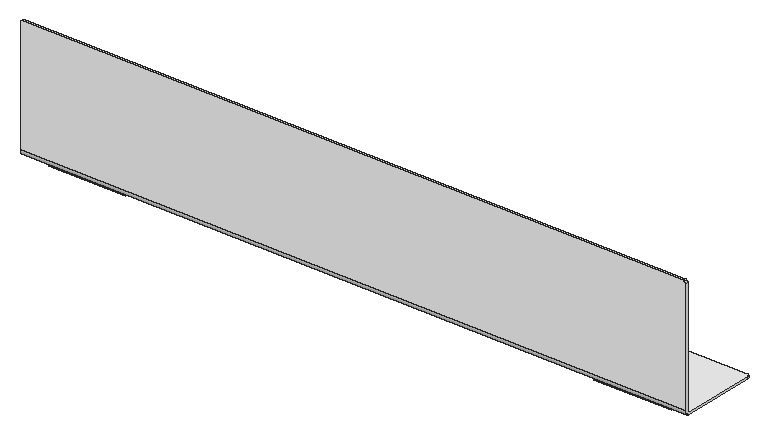
Revit family "Magnuson-Baldas-Shelf_M-1", category Furniture, host Face, Revit 2014
Parameters (values of type "BALDAS-M")
  Width = 39 3/8"
  URL = "www.magnusongroup.com"
  Type Comments = "Baldas"  # constant formula
  Support Finish = MAG - Aluminum Withe
  Shelve Finish = MAG - Aluminum Withe
  Salvage or Reuse = yes
  Percentage of Recycled Content = 0
  Model = "BALDAS-M"
  Manufacturer = "MAGNUSON"  # constant formula
  Low Emitting Material = yes
  Low Emitting Finish = yes
  Keynote = "12500"
  Height = 4 3/4"
  Description = "Wall Mounted Shelf Comes with 2 Wall Mounting Brackets"
  Depth = 7 1/2"
  Default Elevation = 48"
  Assembly Code = "E2020200"
Reference planes (in)
  plane 1 "Center (Front/Back)": y = 0
  plane 2: z = 0
  plane 3 "Center (Left/Right)": x = 0
  plane 4: y = -2.375
  plane 5: y = 2.375
  plane 6: x = 19.6875
  plane 7: x = -19.6875
  plane 8: z = 7.5
  plane 9: z = 0.29527
Forms (in)
  Extrusion 1, solid, material "MAG - Aluminum Withe" <- "Shelve Finish"
    sketch origin (0, 0, 0) x (0, 1, 0) y (0, 0, 1)
      loop
        line (2.0563, 0.29527) -> (2.0563, 0.42027) -> (-2.0625, 0.42027)
        arc (-2.0625, 0.42027) -> (-2.19508, 0.47519) -> (-2.25, 0.60777) r 0.1875
        line (-2.25, 0.60777) -> (-2.25, 6.66544) -> (-2.375, 6.66544) -> (-2.375, 0.60777)
        arc (-2.375, 0.60777) -> (-2.28347, 0.3868) -> (-2.0625, 0.29527) r 0.3125
        line (-2.0625, 0.29527) -> (2.0563, 0.29527)
    from -19.6875 to 19.6875
  Extrusion 2, solid, material "MAG - Aluminum Withe" <- "Shelve Finish"
    sketch origin (0, 0, 0) x (1, 0, 0) y (0, 1, 0)
      loop
        arc (-19.5, 2.375) -> (-19.63258, 2.32008) -> (-19.6875, 2.1875) r 0.1875
        line (-19.6875, 2.1875) -> (-19.6875, 2.0563) -> (19.6875, 2.0563) -> (19.6875, 2.1875)
        arc (19.6875, 2.1875) -> (19.63258, 2.32008) -> (19.5, 2.375) r 0.1875
        line (19.5, 2.375) -> (-19.5, 2.375)
    from 0.29527 to 0.42027
  Extrusion 3, solid, material "MAG - Aluminum Withe" <- "Shelve Finish"
    sketch origin (0, 0, 0) x (1, 0, 0) y (0, 0, 1)
      loop
        arc (-19.52957, 7.5) -> (-19.64124, 7.45374) -> (-19.6875, 7.34207) r 0.15793
        line (-19.6875, 7.34207) -> (-19.6875, 6.66544) -> (19.6875, 6.66544) -> (19.6875, 7.34375)
        arc (19.6875, 7.34375) -> (19.64174, 7.45424) -> (19.53125, 7.5) r 0.15625
        line (19.53125, 7.5) -> (-19.52957, 7.5)
    from 2.25 to 2.375
  Extrusion 4, solid, material "MAG - Aluminum Withe" <- "Support Finish"
    sketch origin (0, 0, 0) x (1, 0, 0) y (0, 1, 0)
      loop
        line (-18.42766, 2.19783) -> (-18.42766, -1.86319) -> (-13.86074, -1.86319) -> (-13.86074, 2.19783) -> (-18.42766, 2.19783)
      loop
        line (13.86074, 2.19783) -> (13.86074, -1.86319) -> (18.42766, -1.86319) -> (18.42766, 2.19783) -> (13.86074, 2.19783)
    from 0 to 0.29527
Cuts and joins
  joined: Extrusion 1, Extrusion 2, Extrusion 3
Lines and regions (in)
  symbolic lines
    curve 1: line (19.6875, 0, 0.29527) -> (19.6875, 0, 7.34375)
    curve 2: arc (19.6875, 0, 7.34375) -> (19.64174, 0, 7.45424) -> (19.53125, 0, 7.5) r 0.15625
    curve 3: line (19.53125, 0, 7.5) -> (-19.52957, 0, 7.5)
    curve 4: arc (-19.52957, 0, 7.5) -> (-19.64124, 0, 7.45374) -> (-19.6875, 0, 7.34207) r 0.15793
    curve 5: line (-19.6875, 0, 7.34207) -> (-19.6875, 0, 0.29527)
    curve 6: line (-19.6875, 0, 0.29527) -> (19.6875, 0, 0.29527)
    curve 7: line (19.6875, 0, 0.42027) -> (-19.6875, 0, 0.42027)
    curve 8: line (-18.42766, 0, 0.29527) -> (-18.42766, 0, 0)
    curve 9: line (-13.86074, 0, 0) -> (-13.86074, 0, 0.29527)
    curve 10: line (18.42766, 0, 0) -> (18.42766, 0, 0.29527)
    curve 11: line (13.86074, 0, 0.29527) -> (13.86074, 0, 0)
    curve 12: line (18.42766, 0, 0) -> (13.86074, 0, 0)
    curve 13: line (-13.86074, 0, 0) -> (-18.42766, 0, 0)
Dimensions and locks (in)
  equal spacing: plane 7, plane 3 "Center (Left/Right)", plane 6
  "Width": plane 7 to plane 6
  "Height": plane 5 to plane 4
  equal spacing: plane 5, plane 1 "Center (Front/Back)", plane 4
  "Depth": plane 8 to host face
  aligned and locked: plane 2 to host face
  aligned and locked: level to host face
  aligned and locked: plane 7 to Extrusion 1
  aligned and locked: Extrusion 1 to plane 6
  aligned and locked: Extrusion 4 to plane 2
  aligned and locked: plane 9 to Extrusion 4
  aligned and locked: curve 1 to cut or joined group of Extrusion 1, Extrusion 2, Extrusion 3
  aligned and locked: curve 2 to cut or joined group of Extrusion 1, Extrusion 2, Extrusion 3
  aligned and locked: curve 4 to cut or joined group of Extrusion 1, Extrusion 2, Extrusion 3
  aligned and locked: curve 6 to cut or joined group of Extrusion 1, Extrusion 2, Extrusion 3
  aligned and locked: curve 7 to cut or joined group of Extrusion 1, Extrusion 2, Extrusion 3
  aligned and locked: curve 8 to Extrusion 4
  aligned and locked: curve 9 to Extrusion 4
  aligned and locked: curve 10 to Extrusion 4
  aligned and locked: curve 11 to Extrusion 4
Automatic sketch dimensions
  host sketch curve to host sketch curve = 55.87664"
  host sketch curve to host sketch curve = 22.57151"
  Extrusion 1 sketch curve to Extrusion 1 sketch curve = 0"  (x2)
  Extrusion 1 sketch curve to plane 4 = 0"
  Extrusion 1 sketch curve to plane 9 = 0"
  plane 4 to Extrusion 1 sketch curve = 1/8"
  Extrusion 1 sketch curve to Extrusion 1 sketch curve = 3/16"
  Extrusion 1 sketch curve to plane 5 = 0.3187"
  Extrusion 1 sketch curve to plane 8 = 0.83456"
  Extrusion 2 sketch curve to plane 7 = 0"
  Extrusion 2 sketch curve to plane 5 = 0"
  Extrusion 2 sketch curve to plane 6 = 0"
  Extrusion 2 sketch curve to plane 7 = 3/16"
  Extrusion 2 sketch curve to Extrusion 2 sketch curve = 3/16"
  Extrusion 2 sketch curve to Extrusion 2 sketch curve = 0.1312"
  plane 7 to Extrusion 3 sketch curve = 0"
  Extrusion 3 sketch curve to plane 8 = 0"
  plane 6 to Extrusion 3 sketch curve = 0"
  Extrusion 3 sketch curve to plane 7 = 0.15793"
  plane 6 to Extrusion 3 sketch curve = 5/32"
  Extrusion 3 sketch curve to Extrusion 3 sketch curve = 0.67831"
  plane 4 to Extrusion 4 sketch curve = 0.51181"  (x2)
  Extrusion 4 sketch curve to plane 7 = 1.25984"
  Extrusion 4 sketch curve to Extrusion 4 sketch curve = 4.56692"
  Extrusion 4 sketch curve to plane 5 = 0.17717"  (x2)
  plane 6 to Extrusion 4 sketch curve = 5.82676"
  plane 6 to Extrusion 4 sketch curve = 1.25984"
  curve 13 to level = 0"
  curve 12 to level = 0"
